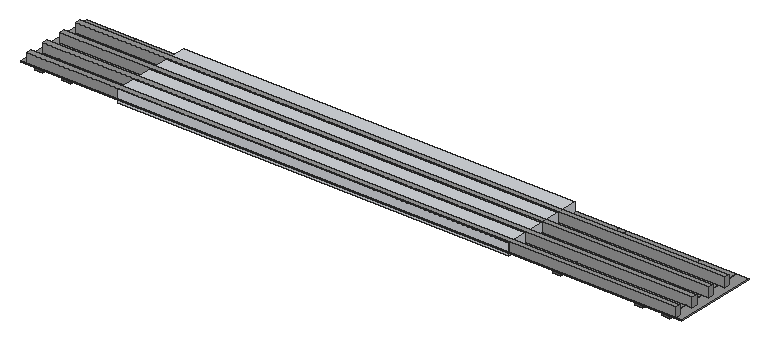
Revit family "1112-4, Veneer", category Generic Models, host Face, Revit 2020
Family settings
  Host = Face
  Can host rebar = No
  Round Connector Dimension = Use Diameter
  Part Type = Normal
  Cut with Voids When Loaded = No
  Shared = No
  Room Calculation Point = No
Parameters
  min_value [instance] = 1' - 11 1/4"  # constant formula
  max_value [instance] = 9' - 11 1/4"  # constant formula
  actual_value [instance] = if(NET LENGTH < min_value, min_value, if(NET LENGTH > max_value, max_value, NET LENGTH))  # 7' - 11 1/4"
  SCRIM MATERIAL [instance] = SCRIM
  SCRIM [instance] = yes
  NET LENGTH [instance] = 7' - 11 1/4"
  Default Elevation = 4' - 0"
  BACKER MATERIAL [instance] = BLACK-BACKERS
  .. MEMBER WIDTH [instance] = 0' - 0 3/4"  # constant formula
  .. MEMBER MATERIAL [instance] = Veneer Cherry
  .. MEMBER LENGTH [instance] = actual_value  # 7' - 11 1/4"
  .. MEMBER DEPTH [instance] = 0' - 1 3/8"  # constant formula
  .. MEMBER COUNT [instance] = 4  # constant formula
  IMPORTANT NOTE!!!                                                                             *Backer layout is for visualization purposes only, final layout to be determined by 9Wood. [instance] = ""
Reference planes (in)
  plane 1 "Center (Front/Back)": y = 0
  plane 2: z = 1.82209
  plane 3 "Center (Left/Right)": x = 0
Forms (in)
  Extrusion 1, solid
    sketch origin (132, -33.80483, 0) x (1, 0, 0) y (0, 1, 0)
      loop
        line (-118.625, 33.80483) -> (-61.26146, 33.80483) -> (-61.26146, 45.86733) -> (-118.625, 45.86733) -> (-118.625, 33.80483)
    from 1.82209 to 0
Dimensions and locks (in)
  aligned and locked: Extrusion 1 to plane 2
  aligned and locked: plane 3 "Center (Left/Right)" to nested 1
Nested families (in)
  nested 1: "1100 SERIES CONFIG" at (0, 2, 0), .. MEMBER DEPTH <- ".. MEMBER DEPTH", .. MEMBER LENGTH <- ".. MEMBER LENGTH", .. MEMBER WIDTH <- ".. MEMBER WIDTH", .. MEMBER MATERIAL <- ".. MEMBER MATERIAL", BACKING M MATERIAL <- "BACKER MATERIAL", SCRIM  MATERIAL <- "SCRIM MATERIAL", .. MEMBER COUNT <- ".. MEMBER COUNT", SCRIM <- "SCRIM", type "1100 SERIES CONFIG"
    with X 7' - 8", SCRIM OVERHANG 2 0' - 0 3/32", SCRIM OVERHANG 0' - 0 7/8", SCRIM LENGTH 8' - 1", SCRIM  MATERIAL SCRIM, SCRIM yes, NOMINAL LENGTH 7, N 8, Inset 6' - 0 3/8", INSET 0' - 1", INDEX 0' - 5 5/8", HALF MEMBER WIDTH 0' - 0 3/8", HALF LENGTH 3' - 11 5/8", END BACKER yes, BACKING M WIDTH 0' - 1 1/4", BACKING M OC SPACING 1' - 0", BACKING M MATERIAL BLACK-BACKERS, BACKING M LENGTH 0' - 11 7/8", BACKING M DEPTH 0' - 0 1/2", BACKING M COUNT 8, 3/16" INSET 0' - 0 3/16", .. MEMBER WIDTH 0' - 0 3/4", .. MEMBER OC SPACING 0' - 3", .. MEMBER MATERIAL Veneer Cherry, .. MEMBER LENGTH 7' - 11 1/4", .. MEMBER DEPTH 0' - 1 3/8", .. MEMBER COUNT 4
Definition of nested family "1100 SERIES CONFIG"
  Parameters (values of type "1100 SERIES CONFIG")
    X [instance] = .. MEMBER LENGTH - 0' 3 1/4"  # 5' - 5"
    SCRIM OVERHANG 2 [instance] = 0' - 0 3/32"  # constant formula
    SCRIM OVERHANG [instance] = 0' - 0 7/8"  # constant formula
    SCRIM LENGTH [instance] = .. MEMBER LENGTH + (SCRIM OVERHANG * 2)  # 5' - 10"
    SCRIM  MATERIAL [instance] = none
    SCRIM [instance] = yes
    NOMINAL LENGTH [instance] = 7
    N [instance] = if((X - (rounddown(X / 1' 0") * 1' 0")) > 1' 0", rounddown(X / 1' 0") + 2, rounddown(X / 1' 0") + 1)  # 6
    Inset [instance] = 6' - 0 3/8"  # constant formula
    INSET [instance] = 0' - 1"  # constant formula
    END BACKER [instance] = INDEX > 0' 3 5/8"  # yes
    INDEX [instance] = (.. MEMBER LENGTH - ((N - 1) * 1' 0")) / 2  # 0' - 4 1/8"
    HALF MEMBER WIDTH [instance] = .. MEMBER WIDTH / 2  # 0' - 0 5/16"
    HALF LENGTH [instance] = .. MEMBER LENGTH / 2  # 2' - 10 1/8"
    Default Elevation = 0' - 0"
    BACKING M WIDTH [instance] = 0' - 1 1/4"
    BACKING M SPACING = 3' - 3"
    BACKING M MATERIAL [instance] = none
    BACKING M LENGTH [instance] = 0' - 11 7/8"
    BACKING M DEPTH [instance] = 0' - 0 1/2"
    BACKING M COUNT [instance] = N  # 6
    BACKING M OC SPACING [instance] = 1' - 0"  # constant formula
    3/16" INSET [instance] = 0' - 0 3/16"  # constant formula
    .. MEMBER WIDTH [instance] = 0' - 0 5/8"
    .. MEMBER OC SPACING [instance] = 1' 0" / .. MEMBER COUNT  # 0' - 4"
    .. MEMBER MATERIAL [instance] = none
    .. MEMBER LENGTH [instance] = 5' - 8 1/4"
    .. MEMBER DEPTH [instance] = 0' - 1 3/8"
    .. MEMBER COUNT [instance] = 3
  Reference planes (in)
    plane 1 "Center (Front/Back)": y = -2
    plane 2: z = 0
    plane 3 "Center (Left/Right)": x = 0
    plane 4: x = 1
    plane 5: x = 4.125
    plane 6: x = 34.125
    plane 7: x = 68.25
    plane 8: x = 67.25
    plane 9: x = 16.125
    plane 10: y = -1.8125
    plane 11: y = -1.6875
    plane 12: y = 2.3125
    plane 13: x = 69.125
    plane 14: x = -0.875
    plane 15: z = 0.5
    plane 16: z = 0.5625
    plane 17: y = 10.0625
    plane 18: y = 10.15625
    plane 19: y = -2.09375
  Dimensions and locks (in)
    "INSET": plane 3 "Center (Left/Right)" to plane 4
    "INDEX": plane 3 "Center (Left/Right)" to plane 5
    "HALF LENGTH": plane 3 "Center (Left/Right)" to plane 6
    ".. MEMBER LENGTH": plane 3 "Center (Left/Right)" to plane 7
    "INSET": plane 8 to plane 7
    equal spacing: group 2, group 3, group 6, group 7, group 8, group 9  (x3)
    "3/16" INSET": plane 1 "Center (Front/Back)" to plane 10
    ".. MEMBER OC SPACING": plane 12 to plane 11
    "SCRIM OVERHANG": plane 14 to plane 3 "Center (Left/Right)"
    "SCRIM OVERHANG": plane 7 to plane 13
    equal spacing: group 1, group 4, group 5  (x2)
    equal spacing: group 5, group 4, group 1
    "HALF MEMBER WIDTH": plane 1 "Center (Front/Back)" to plane 11
    "BACKING M OC SPACING": plane 5 to plane 9
    "SCRIM OVERHANG 2": plane 18 to plane 17
    "SCRIM OVERHANG 2": plane 19 to plane 1 "Center (Front/Back)"
    aligned and locked: level to plane 2
    aligned and locked: plane 6 to nested 1
    aligned and locked: nested 2 to plane 4
    aligned and locked: plane 5 to nested 3
    aligned and locked: plane 1 "Center (Front/Back)" to nested 1
    aligned and locked: nested 2 to plane 10
    aligned and locked: nested 3 to plane 10
    aligned and locked: nested 5 to plane 10
    aligned and locked: nested 4 to plane 10
    aligned and locked: nested 6 to plane 14
    aligned and locked: plane 12 to nested 7
    aligned and locked: nested 7 to plane 3 "Center (Left/Right)"
    aligned and locked: plane 9 to nested 5
    aligned and locked: plane 8 to nested 4
    aligned and locked: plane 15 to nested 2
    aligned and locked: nested 6 to plane 15
    aligned and locked: nested 1 to plane 16
    aligned and locked: nested 7 to plane 16
    aligned and locked: nested 6 to plane 19
  Nested families (in)
    nested 1: "INSTANCE - Parametric Cube" at (34.125, -1.6875, 1.9375), Length <- ".. MEMBER WIDTH", Height <- ".. MEMBER DEPTH", Width <- ".. MEMBER LENGTH", Material <- ".. MEMBER MATERIAL", type "INSTANCE - Parametric Cube"
      with Width 5' - 8 1/4", Material none, Length 0' - 0 5/8", Height 0' - 1 3/8"
    nested 2: "2ND INSTANCE - Parametric Cube" at (1.625, 4.125, 0), Height <- "BACKING M DEPTH", Length <- "BACKING M LENGTH", Width <- "BACKING M WIDTH", Material <- "BACKING M MATERIAL", visible <- "END BACKER", type "2ND INSTANCE - Parametric Cube"
      with Width 0' - 1 1/4", Material none, Length 0' - 11 7/8", Height 0' - 0 1/2"
    nested 3: "2ND INSTANCE - Parametric Cube" at (4.125, 4.125, 0), Length <- "BACKING M LENGTH", Height <- "BACKING M DEPTH", Width <- "BACKING M WIDTH", Material <- "BACKING M MATERIAL", type "2ND INSTANCE - Parametric Cube"
      with Width 0' - 1 1/4", Material none, Length 0' - 11 7/8", Height 0' - 0 1/2"
    nested 4: "2ND INSTANCE - Parametric Cube" at (66.625, 4.125, 0), Width <- "BACKING M WIDTH", Length <- "BACKING M LENGTH", Height <- "BACKING M DEPTH", Material <- "BACKING M MATERIAL", visible <- "END BACKER", type "2ND INSTANCE - Parametric Cube"
      with Width 0' - 1 1/4", Material none, Length 0' - 11 7/8", Height 0' - 0 1/2"
    nested 5: "2ND INSTANCE - Parametric Cube" at (16.125, 4.125, 0), Length <- "BACKING M LENGTH", Height <- "BACKING M DEPTH", Width <- "BACKING M WIDTH", Material <- "BACKING M MATERIAL", type "2ND INSTANCE - Parametric Cube"
      with Width 0' - 1 1/4", Material none, Length 0' - 11 7/8", Height 0' - 0 1/2"
    nested 6: "3RD INSTANCE - Parametric Cube" at (34.125, 4.0445, 0.5), Width <- "SCRIM LENGTH", Material <- "SCRIM  MATERIAL", visible <- "SCRIM", type "3RD INSTANCE - Parametric Cube"
      with Width 5' - 10", Material none, Length 1' - 0.27649", Height 0' - 0 1/16"
    nested 7: "INSTANCE - Parametric Cube" at (34.125, 2.3125, 1.9375), Length <- ".. MEMBER WIDTH", Height <- ".. MEMBER DEPTH", Width <- ".. MEMBER LENGTH", Material <- ".. MEMBER MATERIAL", type "INSTANCE - Parametric Cube"
      with Width 5' - 8 1/4", Material none, Length 0' - 0 5/8", Height 0' - 1 3/8"
    nested 8: "INSTANCE - Parametric Cube" at (34.125, 6.3125, 1.9375), Length <- ".. MEMBER WIDTH", Height <- ".. MEMBER DEPTH", Width <- ".. MEMBER LENGTH", Material <- ".. MEMBER MATERIAL", type "INSTANCE - Parametric Cube"
      with Width 5' - 8 1/4", Material none, Length 0' - 0 5/8", Height 0' - 1 3/8"
    nested 9: "2ND INSTANCE - Parametric Cube" at (28.125, 4.125, 0), Length <- "BACKING M LENGTH", Height <- "BACKING M DEPTH", Width <- "BACKING M WIDTH", Material <- "BACKING M MATERIAL", type "2ND INSTANCE - Parametric Cube"
      with Width 0' - 1 1/4", Material none, Length 0' - 11 7/8", Height 0' - 0 1/2"
    nested 10: "2ND INSTANCE - Parametric Cube" at (40.125, 4.125, 0), Length <- "BACKING M LENGTH", Height <- "BACKING M DEPTH", Width <- "BACKING M WIDTH", Material <- "BACKING M MATERIAL", type "2ND INSTANCE - Parametric Cube"
      with Width 0' - 1 1/4", Material none, Length 0' - 11 7/8", Height 0' - 0 1/2"
    nested 11: "2ND INSTANCE - Parametric Cube" at (52.125, 4.125, 0), Length <- "BACKING M LENGTH", Height <- "BACKING M DEPTH", Width <- "BACKING M WIDTH", Material <- "BACKING M MATERIAL", type "2ND INSTANCE - Parametric Cube"
      with Width 0' - 1 1/4", Material none, Length 0' - 11 7/8", Height 0' - 0 1/2"
    nested 12: "2ND INSTANCE - Parametric Cube" at (64.125, 4.125, 0), Length <- "BACKING M LENGTH", Height <- "BACKING M DEPTH", Width <- "BACKING M WIDTH", Material <- "BACKING M MATERIAL", type "2ND INSTANCE - Parametric Cube"
      with Width 0' - 1 1/4", Material none, Length 0' - 11 7/8", Height 0' - 0 1/2"
  Definition of nested family "INSTANCE - Parametric Cube"
    Parameters (values of type "INSTANCE - Parametric Cube")
      Width [instance] = 0' - 6"
      Material [instance] = none
      Length [instance] = 1' - 0"
      Height [instance] = 1' - 6"
      Default Elevation = 0' - 0"
    Reference planes (in)
      plane 1 "Center (Front/Back)": y = 0
      plane 2: z = 0
      plane 3 "Center (Left/Right)": x = 0
      plane 4: x = -3
      plane 5: x = 3
      plane 6: y = 6
      plane 7: y = -6
      plane 8: z = -18
    Forms (in)
      Extrusion 1, solid, material <- "Material"
        sketch origin (0, 0, 0) x (1, 0, 0) y (0, 1, 0)
          loop
            line (-3, 6) -> (-3, -6) -> (3, -6) -> (3, 6) -> (-3, 6)
        from -18 to 0
    Dimensions and locks (in)
      equal spacing: plane 4, plane 3 "Center (Left/Right)", plane 5
      equal spacing: plane 6, plane 1 "Center (Front/Back)", plane 7
      "Length": plane 6 to plane 7
      "Width": plane 4 to plane 5
      "Height": plane 8 to level
      aligned and locked: plane 2 to level
      aligned and locked: Extrusion 1 sketch curve to plane 6
      aligned and locked: plane 4 to Extrusion 1 sketch curve
      aligned and locked: plane 7 to Extrusion 1 sketch curve
      aligned and locked: Extrusion 1 sketch curve to plane 5
      aligned and locked: Extrusion 1 to plane 8
  Definition of nested family "2ND INSTANCE - Parametric Cube"
    Parameters (values of type "2ND INSTANCE - Parametric Cube")
      Width [instance] = 0' - 6"
      Material [instance] = none
      Length [instance] = 1' - 0"
      Height [instance] = 1' - 6"
      Default Elevation = 0' - 0"
    Reference planes (in)
      plane 1 "Center (Front/Back)": y = 0
      plane 2: z = 0
      plane 3 "Center (Left/Right)": x = 0
      plane 4: x = -3
      plane 5: x = 3
      plane 6: y = 6
      plane 7: y = -6
      plane 8: z = 18
    Forms (in)
      Extrusion 1, solid, material <- "Material"
        sketch origin (0, 0, 0) x (1, 0, 0) y (0, 1, 0)
          loop
            line (-3, 6) -> (-3, -6) -> (3, -6) -> (3, 6) -> (-3, 6)
        from 0 to 18
    Dimensions and locks (in)
      equal spacing: plane 4, plane 3 "Center (Left/Right)", plane 5
      equal spacing: plane 6, plane 1 "Center (Front/Back)", plane 7
      "Length": plane 6 to plane 7
      "Width": plane 4 to plane 5
      "Height": level to plane 8
      aligned and locked: plane 2 to level
      aligned and locked: Extrusion 1 sketch curve to plane 6
      aligned and locked: plane 4 to Extrusion 1 sketch curve
      aligned and locked: plane 7 to Extrusion 1 sketch curve
      aligned and locked: Extrusion 1 sketch curve to plane 5
      aligned and locked: plane 8 to Extrusion 1
      aligned and locked: Extrusion 1 to level
  Definition of nested family "3RD INSTANCE - Parametric Cube"
    Parameters (values of type "3RD INSTANCE - Parametric Cube")
      Width [instance] = 0' - 6"
      Material [instance] = none
      Length [instance] = 1' - 0"
      Height [instance] = 1' - 6"
      Default Elevation = 0' - 0"
    Reference planes (in)
      plane 1 "Center (Front/Back)": y = 0
      plane 2: z = 0
      plane 3 "Center (Left/Right)": x = 0
      plane 4: x = -3
      plane 5: x = 3
      plane 6: y = 6
      plane 7: y = -6
      plane 8: z = 18
    Forms (in)
      Extrusion 1, solid, material <- "Material"
        sketch origin (0, 0, 0) x (1, 0, 0) y (0, 1, 0)
          loop
            line (-3, 6) -> (-3, -6) -> (3, -6) -> (3, 6) -> (-3, 6)
        from 0 to 18
    Dimensions and locks (in)
      equal spacing: plane 4, plane 3 "Center (Left/Right)", plane 5
      equal spacing: plane 6, plane 1 "Center (Front/Back)", plane 7
      "Length": plane 6 to plane 7
      "Width": plane 4 to plane 5
      "Height": level to plane 8
      aligned and locked: plane 2 to level
      aligned and locked: Extrusion 1 sketch curve to plane 6
      aligned and locked: plane 4 to Extrusion 1 sketch curve
      aligned and locked: plane 7 to Extrusion 1 sketch curve
      aligned and locked: Extrusion 1 sketch curve to plane 5
      aligned and locked: plane 8 to Extrusion 1
      aligned and locked: Extrusion 1 to level
